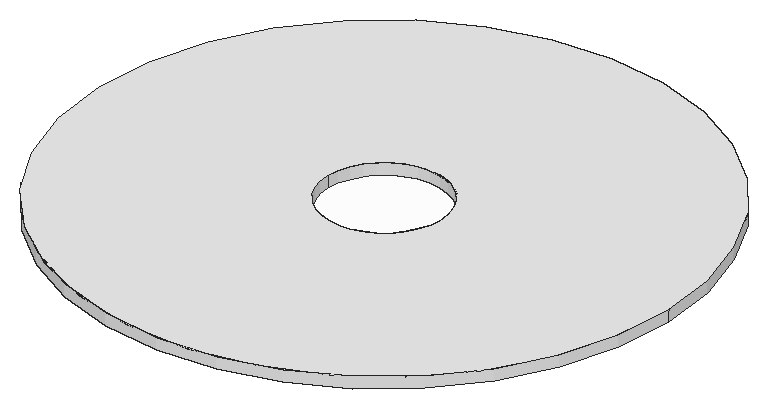
Revit family "SLIMSPOT LED EMERGENCY LIGHT Y9792WA", category Lighting Fixtures, Revit 2015
Parameters (values of type "Y9792WA")
  Width = 103 mm  # constant formula
  Wattage = 1.34642 W
  built-in parameter 1150110 = 1 (stored number, unit not read)
  URL = ""
  Type Image = <None>
  built-in parameter 1114217 = 1 (stored number, unit not read)
  Tilt Angle = 90.00°
  built-in parameter 1150109 = 1 (stored number, unit not read)
  built-in parameter 1150134 = 2
  built-in parameter 1150113 = 1 (stored number, unit not read)
  built-in parameter 1010507 = 1.5708 (stored number, unit not read)
  built-in parameter 1010506 = 0.5236 (stored number, unit not read)
  Product Code = "Y9792WA"  # constant formula
  Mounting Height [instance] = 2297 mm
  Model = "SLIMSPOT"  # constant formula
  Manufacturer = "Teknoware Oy"  # constant formula
  built-in parameter 1150105 = 668.71 (stored number, unit not read)
  Lumens = 200 lm
  built-in parameter 1150115 = 1 (stored number, unit not read)
  Light Source Symbol Length = 2350 mm
  Light Source Location [instance] = Mounting Height  # 2297 mm
  built-in parameter 1150137 = (empty or 0)
  built-in parameter 1150139 = (empty or 0)
  built-in parameter 1150112 = 1 (stored number, unit not read)
  built-in parameter 1150114 = 1 (stored number, unit not read)
  Keynote = "23"
  built-in parameter 1150132 = 2
  built-in parameter 1150102 = (empty or 0)
  built-in parameter 1150107 = 5000 (stored number, unit not read)
  built-in parameter 1150138 = (empty or 0)
  built-in parameter 1150106 = 6.6871 (stored number, unit not read)
  Height = 46 mm  # constant formula
  built-in parameter 1150104 = 13.8 (stored number, unit not read)
  Dimming Lamp Color Temperature Shift = <None>
  Description = ""
  Depth = 103 mm  # constant formula
  Color Filter = 16777215
  Color = RAL9003
  Body Material = Plastic
  built-in parameter 1114218 = 1 (stored number, unit not read)
  built-in parameter 1150133 = 10 (stored number, unit not read)
Reference planes
  plane 1 "Light Source Axis (F/B)": y = 0
  plane 2 "Floor": z = 0
  plane 3 "Light Source Axis (L/R)": x = 0
  plane 4 "Light Source Elevation": z = 2295
  plane 5: x = -51.5
  plane 6: x = 51.5
  plane 7: y = -51.5
  plane 8: y = 51.5
  plane 9 "Top": z = 2341
  plane 10 "Center (Elevation)": z = 2318
  plane 11: z = 2293.519
  plane 12: z = 2297
Dimensions and locks
  "Mounting Height": plane 12 to plane 2 "Floor"
  equal spacing: plane 5, plane 3 "Light Source Axis (L/R)", plane 6
  equal spacing: plane 8, plane 1 "Light Source Axis (F/B)", plane 7
  "Depth": plane 8 to plane 7
  "Width": plane 5 to plane 6
  equal spacing: plane 9 "Top", plane 10 "Center (Elevation)", plane 4 "Light Source Elevation"
  "Height": plane 9 "Top" to plane 4 "Light Source Elevation"
  locked: plane 9 "Top" to plane 11 at 47.481
  plane 12 to plane 4 "Light Source Elevation" = 2 mm
  aligned and locked: level to plane 2 "Floor"
  aligned and locked: plane 1 "Light Source Axis (F/B)" to nested 1
  aligned and locked: imposter light to plane 1 "Light Source Axis (F/B)"
  aligned and locked: plane 3 "Light Source Axis (L/R)" to imposter light
  aligned and locked: plane 1 "Light Source Axis (F/B)" to nested 2
  aligned and locked: plane 3 "Light Source Axis (L/R)" to nested 2
  aligned and locked: plane 3 "Light Source Axis (L/R)" to nested 1
  aligned and locked: plane 12 to nested 1
Nested families
  nested 1: "Y9792WA runko" at (548.5, 248.5, 2295), type "Y9792WA runko"
  nested 2: "Teknoware 2D DET_pyöreä" at (0, 0, 0), Depth <- "Depth", Width <- "Width", type "Teknoware 2D DET_pyöreä"
    with Width 103 mm, Depth 103 mm
Definition of nested family "Y9792WA runko"
  Parameters (values of type "Y9792WA runko")
    Length = 103 mm  # constant formula
    Width = 103 mm  # constant formula
    Height = 46 mm  # constant formula
    Color = none
    Body Material = none
  Reference planes
    plane 1 "Center (Front/Back)": y = -248.5
    plane 2 "Bottom": z = 0
    plane 3 "Center (Left/Right)": x = -548.5
    plane 4 "Left": x = -600
    plane 5 "Right": x = -497
    plane 6 "Front": y = -300
    plane 7 "Back": y = -197
    plane 8 "Top": z = 46
    plane 9 "Center (Elevation)": z = 23
    plane 10: z = 2
  Forms (mm)
    Extrusion 1, solid, material <- "Body Material"
      sketch origin (0, 0, 0) x (1, 0, 0) y (0, 1, 0)
        loop
          circle (-548.5, -248.5) r 51.5
        loop
          circle (-548.5, -248.5) r 10.25
      from 0 to 2
    Extrusion 2, solid
      sketch origin (0, 0, 0) x (1, 0, 0) y (0, 1, 0)
        loop
          circle (-548.5, -248.5) r 10.25
      from 0 to 2
  Dimensions and locks
    equal spacing: plane 4 "Left", plane 3 "Center (Left/Right)", plane 5 "Right"
    equal spacing: plane 7 "Back", plane 1 "Center (Front/Back)", plane 6 "Front"
    equal spacing: plane 8 "Top", plane 9 "Center (Elevation)", plane 2 "Bottom"
    "Height": plane 8 "Top" to plane 2 "Bottom"
    "Length": plane 4 "Left" to plane 5 "Right"
    "Width": plane 7 "Back" to plane 6 "Front"
    locked: plane 10 to plane 2 "Bottom" at 2
    aligned and locked: level to plane 2 "Bottom"
    aligned and locked: plane 10 to Extrusion 1
    aligned and locked: Extrusion 2 sketch curve to Extrusion 1  (x2)
    aligned and locked: plane 10 to Extrusion 2
  Automatic sketch dimensions
    Extrusion 1 sketch curve to Extrusion 1 sketch curve = 0 mm  (x2)
    plane 1 "Center (Front/Back)" to Extrusion 1 sketch curve = 0 mm
    Extrusion 1 sketch curve to plane 3 "Center (Left/Right)" = 0 mm
    radius of Extrusion 1 sketch curve = 51.5 mm
    radius of Extrusion 1 sketch curve = 10.25 mm
Definition of nested family "Teknoware 2D DET_pyöreä"
  Parameters (values of type "Teknoware 2D DET_pyöreä")
    Width [instance] = 100 mm
    Depth [instance] = Width  # 100 mm
  Reference planes
    plane 1 "Center (Front/Back)": y = 0
    plane 2: z = 0
    plane 3 "Center (Left/Right)": x = 0
    plane 4: x = -50
    plane 5: x = 50
    plane 6: y = -50
    plane 7: y = 50
  Lines and regions (mm)
    detail lines, in view "Ref. Level"
      curve 1: line (0, 0, 0) -> (35.355, 35.355, 0)
      curve 2: line (-35.355, 35.355, 0) -> (0, 0, 0)
      curve 3: arc (-50, 0, 0) -> (0, 50, 0) -> (50, 0, 0) r 50
      curve 4: arc (-50, 0, 0) -> (0, -50, 0) -> (50, 0, 0) r 50
      curve 5: line (0, 0, 0) -> (35.355, -35.355, 0)
      curve 6: line (-35.355, -35.355, 0) -> (0, 0, 0)
  Dimensions and locks
    equal spacing: plane 7, plane 1 "Center (Front/Back)", plane 6
    equal spacing: plane 4, plane 3 "Center (Left/Right)", plane 5
    "Depth": plane 7 to plane 6
    "Width": plane 4 to plane 5
    angle plane 3 "Center (Left/Right)" to curve 2 = 45.00°
    angle curve 1 to plane 3 "Center (Left/Right)" = 45.00°
    locked: curve 6 to plane 3 "Center (Left/Right)" (angle 45.00°)
    locked: plane 3 "Center (Left/Right)" to curve 5 (angle 45.00°)
    aligned and locked: plane 4 to curve 3
    aligned and locked: plane 1 "Center (Front/Back)" to curve 3
    aligned and locked: plane 3 "Center (Left/Right)" to curve 3
  Automatic sketch dimensions
    curve 2 to plane 3 "Center (Left/Right)" = 0 mm
    plane 1 "Center (Front/Back)" to curve 6 = 0 mm
